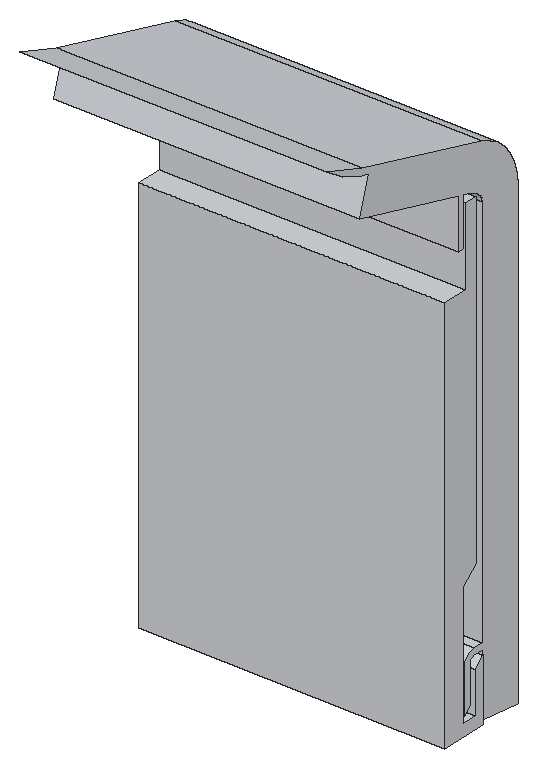
Revit family "HansWeitzel_2528", category Allgemeines Modell, Revit 2017
Family settings
  Basisbauteil = Wand
  Kann Basisbauteil für Bewehrung sein = Nein
  Bemaßung runder Anschluss = Durchmesser verwenden
  Teiletyp = Normal
  Immer vertikal = Ja
  Beim Laden mit Abzugskörper schneiden = Nein
  Gemeinsam genutzt = Nein
  Raumberechnungspunkt = Nein
Parameters (values of type "Type 1")
  max. Betriebstemperatur (°C) = 90
  Werkstoff = "Polystyrol"
  Wandmontage möglich = yes
  Typname = "HZ-Stoßverbinder SLF Alu"
  Tiefe (mm) = 30
  Profilart = "Anschlussprofi"
  Menge pro Verpackungseinheit = 10
  Length3 = 50 mm
  Length2 = 50 mm
  Length1 = 50 mm
  Ist Zubehör = no
  Ist System = no
  Höhe [mm] = 97
  Hersteller = "Hans Weitzel GmbH & Co. KG"
  HeinzeBIM = "https://www.heinze.de/bim/hz-stossverbinder-slf-alu/e63899c4999483d6aa20c550ef33bf40b4760c13"
  HAN = "2528"
  Gewicht unverpackt (netto) [kg] = 0.008
  GTIN = "4022023221817"
  Farbton = "metallfarben"
  Dekor = "Alu"
  Breite [mm] = 45
  Beschreibung = "HZ-Stoßverbinder SLF Alu f. HZ-Sockelleiste SLF /Plus m. SCH2158"
  BIMSITE_PRODUCT_ID = "e63899c4999483d6aa20c550ef33bf40b4760c13"
  BIM = "https://media.live.bim.site/t/eyJhbGciOiJIUzI1NiIsInR5cCI6IkpXVCJ9.eyJjdCI6MSwidGYiOiJwdWJsaWMvaGFucy13ZWl0emVsLWdtYmgtY28ta2cvMjI1MGEyZS9IWl9TTEZfU3Rvc3N2ZXJiaW5kZXIucmZhIiwiY2lkIjoiZmVkOThlOWEtMWJkOC00YzY4LWE3M2ItNzRhOTRlMzE1ODIzIiwicmlkIjoiMDBhZjk3NDc1NjFkZDNlNzhiZjdkMTQ1NzgwOTk3NWYiLCJwaWQiOiJlNjM4OTljNDk5OTQ4M2Q2YWEyMGM1NTBlZjMzYmY0MGI0NzYwYzEzIiwic2lkIjoiNjM1NTgiLCJ1dCI6NSwibGMiOiJkZSIsImlhdCI6MTU4MDMwMDc5NCwiaXNzIjoiaHR0cHM6Ly9hcGkubGl2ZS5iaW0uc2l0ZSIsInN1YiI6ImY1ODZjNGI2LWE1MDgtNDI3YS05ODE4LTEzMTc5NjY1NzZiYyJ9.drQm6f4HtPh9arLFEPhg2fGD4gn31QIBjVTwZIjJbS8/HZ_SLF_Stossverbinder.rfa"
Reference planes
  plane 1 "Wall": y = 0
  plane 2 "Center (Left/Right)": x = 125
  plane 3 "Back": y = 75
Text (mm)
  text "Placement side" at (0, 1409.804, 2854.306), in view "Left"
  text "Placement side" at (0, 499.811, 2980.732), in view "Right"
Dimensions and locks
  locked: plane 3 "Back" to host wall
  aligned and locked: plane 1 "Wall" to host wall
  aligned and locked: nested 1 to plane 3 "Back"
  aligned and locked: nested 2 to plane 3 "Back"
  aligned and locked: nested 2 to plane 2 "Center (Left/Right)"
  aligned and locked: nested 1 to plane 2 "Center (Left/Right)"
Nested families
  nested 1: "HZ_SLF_Part2" at (125, 75, 0) x (-1, 0, 0) z (0, 0, 1), type "HZ_SLF_Part2"
    with Length2 50 mm
  nested 2: "HZ_SLF_Profil" at (125, 75, 0) x (-1, 0, 0) z (0, 0, 1), type "HZ_SLF_Profil"
Definition of nested family "HZ_SLF_Part2"
  Parameters
    Length2 = 400 mm
  Reference planes
    plane 1 "Center (Front/Back)": y = 0
    plane 2: z = 0
    plane 3 "Center (Left/Right)": x = 0
    plane 4: z = 78
  Forms (mm)
    Extrusion 1, solid, detail levels fine
      sketch origin (0, 0, 0) x (0, 1, 0) y (0, 0, 1)
        loop
          line (-28, 65.25) -> (-28, 78) -> (-30, 78) -> (-30, 24.25) -> (-27.5, 22) -> (-27.5, 2) -> (-30, 2) -> (-30, 8.75) -> (-31.5, 10.25) -> (-31.5, 0) -> (-23.75, 0) -> (-23.75, 65.25) -> (-28, 65.25)
      from -200 to 200
    Extrusion 2, solid, detail levels medium
      sketch origin (0, 0, 0) x (0, 1, 0) y (0, 0, 1)
        loop
          line (-28, 65.25) -> (-28, 78) -> (-30, 78) -> (-30, 22) -> (-27.5, 22) -> (-27.5, 2) -> (-30, 2) -> (-30, 8.75) -> (-31.5, 8.75) -> (-31.5, 0) -> (-23.75, 0) -> (-23.75, 65.25) -> (-28, 65.25)
      from -200 to 200
    Extrusion 3, solid, detail levels coarse
      sketch origin (0, 0, 0) x (0, 1, 0) y (0, 0, 1)
        loop
          line (-31.5, 78) -> (-31.5, 0) -> (-23.75, 0) -> (-23.75, 78) -> (-31.5, 78)
      from -200 to 200
  Dimensions and locks
    equal spacing: Extrusion 1, plane 3 "Center (Left/Right)", Extrusion 1
    "Length2": Extrusion 1 to Extrusion 1
    aligned and locked: level to plane 2
    aligned and locked: Extrusion 3 to Extrusion 1  (x2)
    aligned and locked: Extrusion 2 to Extrusion 3  (x2)
  Automatic sketch dimensions
    Extrusion 1 sketch curve to level = 0 mm
    level to Extrusion 1 sketch curve = 10.25 mm
    plane 1 "Center (Front/Back)" to Extrusion 1 sketch curve = 31.5 mm
    Extrusion 1 sketch curve to Extrusion 1 sketch curve = 1.5 mm  (x2)
    level to Extrusion 1 sketch curve = 8.75 mm
    Extrusion 1 sketch curve to Extrusion 1 sketch curve = 2 mm
    Extrusion 1 sketch curve to Extrusion 1 sketch curve = 2.5 mm
    Extrusion 1 sketch curve to Extrusion 1 sketch curve = 4.25 mm
    level to Extrusion 1 sketch curve = 2 mm
    Extrusion 1 sketch curve to Extrusion 1 sketch curve = 11.75 mm
    Extrusion 1 sketch curve to Extrusion 1 sketch curve = 2.25 mm
    Extrusion 1 sketch curve to Extrusion 1 sketch curve = 41 mm
    Extrusion 1 sketch curve to Extrusion 1 sketch curve = 12.75 mm
    Extrusion 2 sketch curve to level = 0 mm
    plane 1 "Center (Front/Back)" to Extrusion 2 sketch curve = 31.5 mm
    Extrusion 2 sketch curve to Extrusion 2 sketch curve = 1.5 mm
    Extrusion 2 sketch curve to Extrusion 2 sketch curve = 2 mm
    Extrusion 2 sketch curve to Extrusion 2 sketch curve = 4.25 mm
    level to Extrusion 2 sketch curve = 2 mm
    Extrusion 2 sketch curve to Extrusion 2 sketch curve = 12.75 mm
    Extrusion 2 sketch curve to Extrusion 2 sketch curve = 2.5 mm
    Extrusion 2 sketch curve to Extrusion 2 sketch curve = 43.25 mm
    Extrusion 2 sketch curve to Extrusion 2 sketch curve = 0 mm
    Extrusion 2 sketch curve to Extrusion 2 sketch curve = 6.75 mm
    Extrusion 2 sketch curve to Extrusion 2 sketch curve = 13.25 mm
    Extrusion 3 sketch curve to level = 0 mm
    Extrusion 3 sketch curve to Extrusion 3 sketch curve = 7.75 mm
    plane 1 "Center (Front/Back)" to Extrusion 3 sketch curve = 31.5 mm
    level to Extrusion 3 sketch curve = 78 mm
Definition of nested family "HZ_SLF_Profil"
  Parameters
    Length3 = 50 mm
  Reference planes
    plane 1 "Center (Front/Back)": y = 0
    plane 2: z = 0
    plane 3 "Center (Left/Right)": x = 0
    plane 4: z = 95
  Forms (mm)
    Extrusion 1, solid, detail levels fine
      sketch origin (0, 0, 0) x (0, 1, 0) y (0, 0, 1)
        loop
          line (-38.561, 76.002) -> (-38.561, 0) -> (-31.5, 0.791) -> (-31.5, 11) -> (-29.75, 11)
          arc (-29.75, 11) -> (-29.043, 10.707) -> (-28.75, 10) r 1
          line (-28.75, 10) -> (-28.75, 4) -> (-27.75, 3) -> (-27.75, 10)
          arc (-27.75, 10) -> (-28.336, 11.414) -> (-29.75, 12) r 2
          line (-29.75, 12) -> (-31.5, 12) -> (-31.5, 76.545)
          arc (-31.5, 76.545) -> (-30.751, 77.994) -> (-29.355, 78.837) r 3
          line (-29.355, 78.837) -> (-27.5, 79.347) -> (-27.5, 71.5) -> (-26.5, 71.5) -> (-26.5, 79.621) -> (-6.471, 85.123) -> (-8.262, 90.853) -> (-6.8, 91.255)
          arc (-6.8, 91.255) -> (-2.978, 92.748) -> (0.452, 95) r 19.703
          arc (0.452, 95) -> (-3.246, 93.447) -> (-7.065, 92.219) r 46.507
          line (-7.065, 92.219) -> (-31.209, 85.587)
          arc (-31.209, 85.587) -> (-36.496, 82.03) -> (-38.561, 76.002) r 10
      from -25 to 25
    Extrusion 2, solid, detail levels medium
      sketch origin (0, 0, 0) x (0, 1, 0) y (0, 0, 1)
        loop
          line (-7.065, 92.219) -> (-31.209, 85.587)
          arc (-31.209, 85.587) -> (-36.496, 82.03) -> (-38.561, 76.002) r 10
          line (-38.561, 76.002) -> (-38.561, 0) -> (-31.5, 0.791) -> (-31.5, 11) -> (-28.75, 11) -> (-28.75, 3) -> (-27.75, 3) -> (-27.75, 12) -> (-31.5, 12) -> (-31.5, 76.545)
          arc (-31.5, 76.545) -> (-30.751, 77.994) -> (-29.355, 78.837) r 3
          line (-29.355, 78.837) -> (-27.5, 79.347) -> (-27.5, 71.5) -> (-26.5, 71.5) -> (-26.5, 79.621) -> (-6.471, 85.123) -> (0.452, 95)
          arc (0.452, 95) -> (-3.246, 93.447) -> (-7.065, 92.219) r 46.507
      from -25 to 25
    Extrusion 3, solid, detail levels coarse
      sketch origin (0, 0, 0) x (0, 1, 0) y (0, 0, 1)
        loop
          line (-38.561, 0) -> (0.452, 0) -> (0.452, 95) -> (-38.561, 95) -> (-38.561, 0)
      from -25 to 25
  Dimensions and locks
    equal spacing: Extrusion 3, plane 3 "Center (Left/Right)", Extrusion 3
    "Length3": Extrusion 3 to Extrusion 3
    aligned and locked: level to plane 2
    aligned and locked: Extrusion 1 to Extrusion 3
    aligned and locked: Extrusion 2 to Extrusion 3
    aligned and locked: Extrusion 3 to Extrusion 1
    aligned and locked: Extrusion 3 to Extrusion 2
  Automatic sketch dimensions
    plane 1 "Center (Front/Back)" to Extrusion 3 sketch curve = 38.561 mm
    Extrusion 3 sketch curve to plane 1 "Center (Front/Back)" = 0.452 mm
    Extrusion 3 sketch curve to level = 0 mm
    level to Extrusion 3 sketch curve = 95 mm
    Extrusion 2 sketch curve to Extrusion 2 sketch curve = 0 mm  (x2)
    Extrusion 2 sketch curve to level = 0 mm
    Extrusion 2 sketch curve to plane 4 = 0 mm
    plane 1 "Center (Front/Back)" to Extrusion 2 sketch curve = 38.561 mm
    level to Extrusion 2 sketch curve = 0.791 mm
    Extrusion 2 sketch curve to Extrusion 2 sketch curve = 7.061 mm  (x2)
    Extrusion 2 sketch curve to plane 4 = 9.413 mm
    Extrusion 2 sketch curve to Extrusion 2 sketch curve = 0.291 mm
    Extrusion 2 sketch curve to plane 4 = 16.163 mm
    Extrusion 2 sketch curve to Extrusion 2 sketch curve = 2.145 mm
    Extrusion 2 sketch curve to Extrusion 2 sketch curve = 2.75 mm
    Extrusion 2 sketch curve to Extrusion 2 sketch curve = 2.939 mm
    Extrusion 2 sketch curve to Extrusion 2 sketch curve = 1 mm  (x3)
    Extrusion 2 sketch curve to Extrusion 2 sketch curve = 1.061 mm
    plane 1 "Center (Front/Back)" to Extrusion 2 sketch curve = 19.383 mm
    plane 1 "Center (Front/Back)" to Extrusion 2 sketch curve = 7.065 mm
    plane 1 "Center (Front/Back)" to Extrusion 2 sketch curve = 6.471 mm
    level to Extrusion 2 sketch curve = 3 mm
    Extrusion 2 sketch curve to Extrusion 2 sketch curve = 8 mm
    Extrusion 2 sketch curve to Extrusion 2 sketch curve = 7.337 mm
    Extrusion 2 sketch curve to Extrusion 2 sketch curve = 2.893 mm
    Extrusion 2 sketch curve to Extrusion 2 sketch curve = 0.51 mm
    Extrusion 2 sketch curve to Extrusion 2 sketch curve = 0.275 mm
    Extrusion 2 sketch curve to plane 4 = 9.877 mm
    Extrusion 2 sketch curve to plane 4 = 2.781 mm
    plane 4 to Extrusion 2 sketch curve = 42.065 mm
    Extrusion 1 sketch curve to Extrusion 1 sketch curve = 0 mm  (x5)
    Extrusion 1 sketch curve to level = 0 mm
    Extrusion 1 sketch curve to plane 4 = 0 mm
    plane 1 "Center (Front/Back)" to Extrusion 1 sketch curve = 38.561 mm
    level to Extrusion 1 sketch curve = 0.791 mm
    Extrusion 1 sketch curve to Extrusion 1 sketch curve = 7.061 mm
    Extrusion 1 sketch curve to plane 4 = 9.413 mm
    Extrusion 1 sketch curve to Extrusion 1 sketch curve = 0.291 mm
    Extrusion 1 sketch curve to Extrusion 1 sketch curve = 1.75 mm
    Extrusion 1 sketch curve to plane 4 = 16.163 mm
    Extrusion 1 sketch curve to Extrusion 1 sketch curve = 2.145 mm
    level to Extrusion 1 sketch curve = 4 mm
    Extrusion 1 sketch curve to Extrusion 1 sketch curve = 2.75 mm
    Extrusion 1 sketch curve to Extrusion 1 sketch curve = 2.939 mm
    Extrusion 1 sketch curve to Extrusion 1 sketch curve = 1 mm  (x3)
    Extrusion 1 sketch curve to Extrusion 1 sketch curve = 1.855 mm
    plane 1 "Center (Front/Back)" to Extrusion 1 sketch curve = 19.383 mm
    plane 1 "Center (Front/Back)" to Extrusion 1 sketch curve = 12.019 mm
    plane 1 "Center (Front/Back)" to Extrusion 1 sketch curve = 8.262 mm
    Extrusion 1 sketch curve to Extrusion 1 sketch curve = 1.197 mm
    Extrusion 1 sketch curve to Extrusion 1 sketch curve = 1.791 mm
    Extrusion 1 sketch curve to Extrusion 1 sketch curve = 6 mm
    Extrusion 1 sketch curve to Extrusion 1 sketch curve = 7.337 mm
    Extrusion 1 sketch curve to Extrusion 1 sketch curve = 2.893 mm
    Extrusion 1 sketch curve to Extrusion 1 sketch curve = 0.51 mm
    Extrusion 1 sketch curve to Extrusion 1 sketch curve = 0.275 mm
    Extrusion 1 sketch curve to plane 4 = 9.877 mm
    Extrusion 1 sketch curve to plane 4 = 4.147 mm
    Extrusion 1 sketch curve to Extrusion 1 sketch curve = 1.366 mm
    plane 4 to Extrusion 1 sketch curve = 15.254 mm
    Extrusion 1 sketch curve to Extrusion 1 sketch curve = 26.811 mm
    Extrusion 1 sketch curve to Extrusion 1 sketch curve = 0.265 mm
